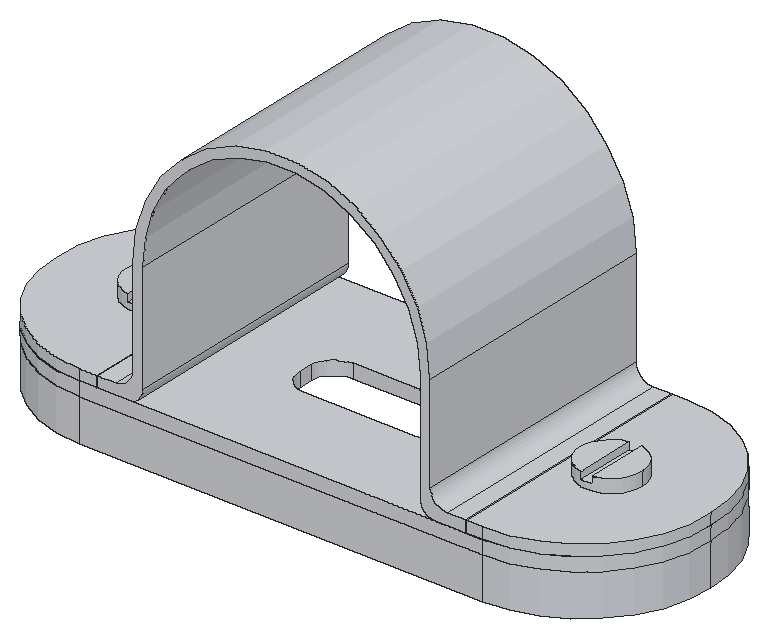
Revit family "SBS20G", category Generic Models, Revit 2017
Family settings
  Can host rebar = No
  Round Connector Dimension = Use Diameter
  Part Type = Normal
  Work Plane-Based = Yes
  Always vertical = No
  Cut with Voids When Loaded = No
  Shared = No
  Room Calculation Point = No
Parameters (values of type "NBS Standard Parameters")
  Weight = "0.0205Kg"
  WarrantyStartDate [instance] = "1900-12-31T23:59:59"
  WarrantyGuarantorParts = "n/a"
  WarrantyGuarantorLabor = "n/a"
  WarrantyDurationUnit = "1 year"
  WarrantyDurationParts = "n/a"
  WarrantyDurationLabor = "n/a"
  WarrantyDescription = "n/a"
  Version = "1"
  Uniclass2 = "Pr_65_70_11_20"
  TagNumber [instance] = "n/a"
  SustainabilityPerformance = "n/a"
  Size = "20mm"
  Shape = "n/a"
  SerialNumber [instance] = "n/a"
  Revision = "n/a"
  ReplacementCost = "n/a"
  ProductInformation = "www.metpro.co.uk/pdf/sbs20g.pdf"
  NominalWidth = 22 mm
  NominalLength = 57 mm
  NominalHeight = 23 mm
  Name = ""
  NBSTypeID = ""
  NBSReference = "90-55-10/460"
  NBSOfficeMasterTag = ""
  NBSNote = ""
  NBSDescription = "Conduit Fittings"
  NBSCertification = ""
  ModelReference = "SBS20G"
  ModelNumber = "n/a"
  Material = "Pressed Steel"
  ManufacturerURL = "www.metpro.co.uk"
  ManufacturerName = "Metpro Ltd"
  InstallationDate [instance] = "1900-12-31T23:59:59"
  IfcExportType = ""
  IfcExportAs = ""
  Grade = "n/a"
  Finish = "BZP"
  Features = "n/a"
  ExpectedLife = "n/a"
  DurationUnit = "year"
  Description = "SBS20G - 20mm Spacer Bar Saddle"
  Default Elevation = 1219.2 mm
  Constituents = "n/a"
  Color = "n/a"
  CodePerformance = "n/a"
  Category = "n/a"
  BarCode [instance] = "n/a"
  BIMObjectName = "Metpro_metprolibrary_conduitfittings_metalcomponent_seelaccessories"
  Author = "Metpro Ltd"
  AssetType = ""
  AssetIdentifier [instance] = "n/a"
  AccessibilityPerformance = "n/a"
Reference planes
  plane 1 "Center (Front/Back)": y = 0
  plane 2: z = 0
  plane 3 "Center (Left/Right)": x = 0
Forms (mm)
  Extrusion 1, solid
    sketch origin (0, 7.377, 11.123) x (1, 0, 0) y (0, 0, 1)
      loop
        line (10, 0) -> (10, -7.931)
        arc (10, -7.931) -> (10.299, -8.654) -> (11.022, -8.953) r 1.022
        line (11.022, -8.953) -> (13.292, -8.953) -> (13.292, -8.137) -> (11.908, -8.137)
        arc (11.908, -8.137) -> (11.059, -7.785) -> (10.708, -6.937) r 1.2
        line (10.708, -6.937) -> (10.708, 0)
        arc (10.708, 0) -> (0, 10.708) -> (-10.708, 0) r 10.708
        line (-10.708, 0) -> (-10.708, -6.919)
        arc (-10.708, -6.919) -> (-11.064, -7.78) -> (-11.925, -8.137) r 1.217
        line (-11.925, -8.137) -> (-13.292, -8.137) -> (-13.292, -8.953) -> (-11.048, -8.953)
        arc (-11.048, -8.953) -> (-10.307, -8.646) -> (-10, -7.906) r 1.048
        line (-10, -7.906) -> (-10, 0)
        arc (-10, 0) -> (0, 10) -> (10, 0) r 10
    from 0 to 18.5
  Extrusion 2, solid
    sketch origin (-23.542, 7.377, 2.17) x (0, -1, 0) y (-1, 0, 0)
      loop
        arc (18.5, -9.004) -> (15.772, -2.548) -> (9.241, -0.004) r 9.004
        arc (9.241, -0.004) -> (2.723, -2.543) -> (0, -8.987) r 8.987
        line (0, -8.987) -> (0, -38.099)
        arc (0, -38.099) -> (2.721, -44.541) -> (9.237, -47.081) r 8.986
        arc (9.237, -47.081) -> (15.771, -44.534) -> (18.5, -38.073) r 9.012
        line (18.5, -38.073) -> (18.5, -9.004)
      loop
        line (11.669, -23.542) -> (11.669, -19.735)
        arc (11.669, -19.735) -> (11.157, -18.499) -> (9.921, -17.987) r 1.748
        line (9.921, -17.987) -> (8.961, -17.987)
        arc (8.961, -17.987) -> (7.772, -18.48) -> (7.279, -19.67) r 1.683
        line (7.279, -19.67) -> (7.279, -27.345)
        arc (7.279, -27.345) -> (7.781, -28.557) -> (8.994, -29.06) r 1.715
        line (8.994, -29.06) -> (9.979, -29.06)
        arc (9.979, -29.06) -> (11.174, -28.565) -> (11.669, -27.37) r 1.69
        line (11.669, -27.37) -> (11.669, -23.542)
    from 0 to 1
  Extrusion 3, solid
    sketch origin (-23.542, 7.377, 1.17) x (0, -1, 0) y (1, 0, 0)
      loop
        line (18.5, 9.004) -> (18.5, 38.073)
        arc (18.5, 38.073) -> (15.771, 44.534) -> (9.237, 47.081) r 9.012
        arc (9.237, 47.081) -> (2.721, 44.541) -> (0, 38.099) r 8.986
        line (0, 38.099) -> (0, 8.987)
        arc (0, 8.987) -> (2.723, 2.543) -> (9.241, 0.004) r 8.987
        arc (9.241, 0.004) -> (15.772, 2.548) -> (18.5, 9.004) r 9.004
      loop
        line (17.5, 9.004) -> (17.5, 38.073)
        arc (17.5, 38.073) -> (15.064, 43.826) -> (9.237, 46.081) r 8.012
        arc (9.237, 46.081) -> (3.429, 43.834) -> (1, 38.099) r 7.986
        line (1, 38.099) -> (1, 8.987)
        arc (1, 8.987) -> (3.43, 3.25) -> (9.241, 1.004) r 7.987
        arc (9.241, 1.004) -> (15.065, 3.255) -> (17.5, 9.004) r 8.004
    from -3.011 to 0
  Extrusion 4, solid
    sketch origin (10.708, 7.377, 2.986) x (1, 0, 0) y (0, 1, 0)
      loop
        line (-25.246, -18.5) -> (-24, -18.5) -> (-24, 0) -> (-25.263, 0)
        arc (-25.263, 0) -> (-31.707, -2.723) -> (-34.246, -9.241) r 8.987
        arc (-34.246, -9.241) -> (-31.702, -15.772) -> (-25.246, -18.5) r 9.004
      loop
        line (3.849, 0) -> (2.585, 0) -> (2.585, -18.5) -> (3.823, -18.5)
        arc (3.823, -18.5) -> (10.284, -15.771) -> (12.831, -9.237) r 9.012
        arc (12.831, -9.237) -> (10.291, -2.721) -> (3.849, 0) r 8.986
      loop
        circle (5.644, -9.237) r 1.585
      loop
        circle (-27.059, -9.237) r 1.585
    from 0 to -0.8
  Extrusion 5, solid
    sketch origin (10.708, 7.377, 2.986) x (1, 0, 0) y (0, 1, 0)
      loop
        circle (5.644, -9.237) r 2.242
      loop
        circle (-27.066, -9.237) r 2.242
    from 0 to 0.948
  Extrusion 6, void
    sketch origin (10.708, 7.377, 3.934) x (0, 1, 0) y (1, 0, 0)
      loop
        line (-11.916, -26.587) -> (-11.916, -27.451) -> (-6.427, -27.451) -> (-6.427, -26.587) -> (-11.916, -26.587)
      loop
        line (-11.916, 5.172) -> (-6.427, 5.172) -> (-6.427, 6.036) -> (-11.916, 6.036) -> (-11.916, 5.172)
    from 0 to 0.5
Cuts and joins
  Extrusion 6 cuts Extrusion 2
  Extrusion 6 cuts Extrusion 4
  Extrusion 6 cuts Extrusion 5
Dimensions and locks
  aligned and locked: level to plane 2
